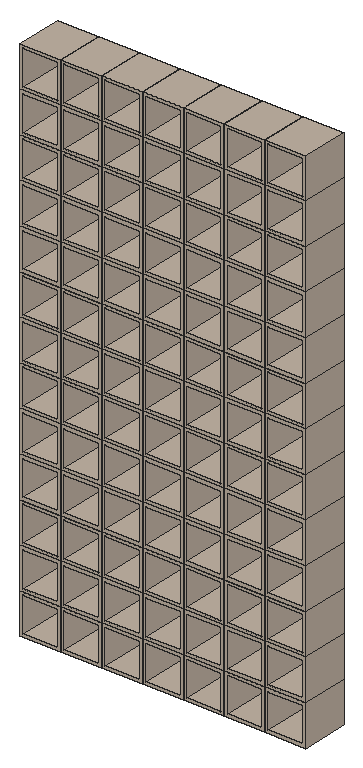
Revit family "GNW_A3-Air-Bricks-Panel-1400wx2600h", category Windows, host Wall, Revit 2016
Family settings
  Host = Wall
  Always vertical = Yes
  Cut with Voids When Loaded = No
  Shared = No
  Room Calculation Point = No
Parameters (values of type "1400w x 2600h")
  Height = 2600 mm
  Default Sill Height = 85 mm
  Wall Closure = By host
  Width = 1400 mm
  Construction Type = "AB09"
  Assembly Code = ""
Reference planes
  plane 1: y = 0
  plane 2 "Center (Left/Right)": x = 0
  plane 3 "Left": x = -700
  plane 4 "Right": x = 700
  plane 5 "Sill": z = 85
  plane 6 "Head": z = 2685
  plane 7 "Exterior": y = 115
  plane 8 "Interior": y = -115
Lines and regions (mm)
  Opening 1
    outline origin (3500, -115, 0) x (1, 0, 0) y (0, 0, 1)
      loop
        line (-2800, 85) -> (-2800, 2685) -> (-4200, 2685) -> (-4200, 85) -> (-2800, 85)
  symbolic lines
    curve 1: line (-700, -115, 0) -> (-700, 115, 0)
    curve 2: line (700, -115, 0) -> (700, 115, 0)
    curve 3: line (-500, 115, 0) -> (-500, -115, 0)
    curve 4: line (-300, 115, 0) -> (-300, -115, 0)
    curve 5: line (-100, 115, 0) -> (-100, -115, 0)
    curve 6: line (100, 115, 0) -> (100, -115, 0)
    curve 7: line (300, 115, 0) -> (300, -115, 0)
    curve 8: line (500, 115, 0) -> (500, -115, 0)
Text (mm)
  text "EXTERIOR" at (-1963.203, 1332.353, 0), in view "Ref. Level"
  text "INTERIOR" at (-1981.466, -818.386, 0), in view "Ref. Level"
  text "Exterior" at (0, 923.751, 2943.296), in view "Right"
  text "Exterior" at (0, 1040.484, 2685.409), in view "Left"
Dimensions and locks
  equal spacing: plane 3 "Left", plane 2 "Center (Left/Right)", plane 4 "Right"
  "Width": plane 3 "Left" to plane 4 "Right"
  "Height": plane 5 "Sill" to plane 6 "Head"
  "Default Sill Height": plane 5 "Sill" to level
  locked: plane 7 "Exterior" to host wall at 0
  locked: plane 8 "Interior" to host wall
  plane 3 "Left" to plane 2 "Center (Left/Right)" to plane 4 "Right" = 700 mm, 700 mm
  level to plane 6 "Head" = 2685 mm
  plane 3 "Left" to plane 4 "Right" = 1400 mm
  aligned and locked: plane 4 "Right" to Opening 1 sketch curve
  aligned and locked: plane 3 "Left" to Opening 1 sketch curve
  aligned and locked: plane 6 "Head" to Opening 1 sketch curve
  aligned and locked: plane 5 "Sill" to Opening 1 sketch curve
Automatic sketch dimensions
  curve 1 to host wall = 0 mm  (x2)
  curve 1 to plane 3 "Left" = 0 mm
  curve 2 to host wall = 0 mm  (x2)
  curve 2 to plane 4 "Right" = 0 mm
  curve 3 to host wall = 0 mm
  curve 3 to plane 3 "Left" = 200 mm
  host wall to curve 4 = 0 mm  (x2)
  curve 3 to curve 4 = 200 mm
  curve 5 to plane 2 "Center (Left/Right)" = 100 mm
  plane 2 "Center (Left/Right)" to curve 6 = 100 mm
  host wall to curve 7 = 0 mm  (x2)
  curve 6 to curve 7 = 200 mm
  host wall to curve 8 = 0 mm  (x2)
  curve 7 to curve 8 = 200 mm
  host wall to curve 3 = 0 mm
  host wall to curve 5 = 0 mm  (x2)
  host wall to curve 6 = 0 mm  (x2)
Nested families
  nested 1: "Air Brick" at (-300, 115, 85), type "Air Brick"
  nested 2: "Air Brick" at (-100, 115, 85), type "Air Brick"
  nested 3: "Air Brick" at (100, 115, 85), type "Air Brick"
  nested 4: "Air Brick" at (500, 115, 85), type "Air Brick"
  nested 5: "Air Brick" at (300, 115, 85), type "Air Brick"
  nested 6: "Air Brick" at (-300, 115, 285), type "Air Brick"
  nested 7: "Air Brick" at (-100, 115, 285), type "Air Brick"
  nested 8: "Air Brick" at (100, 115, 285), type "Air Brick"
  nested 9: "Air Brick" at (500, 115, 285), type "Air Brick"
  nested 10: "Air Brick" at (300, 115, 285), type "Air Brick"
  nested 11: "Air Brick" at (-300, 115, 485), type "Air Brick"
  nested 12: "Air Brick" at (-100, 115, 485), type "Air Brick"
  nested 13: "Air Brick" at (100, 115, 485), type "Air Brick"
  nested 14: "Air Brick" at (500, 115, 485), type "Air Brick"
  nested 15: "Air Brick" at (300, 115, 485), type "Air Brick"
  nested 16: "Air Brick" at (-300, 115, 685), type "Air Brick"
  nested 17: "Air Brick" at (-100, 115, 685), type "Air Brick"
  nested 18: "Air Brick" at (100, 115, 685), type "Air Brick"
  nested 19: "Air Brick" at (500, 115, 685), type "Air Brick"
  nested 20: "Air Brick" at (300, 115, 685), type "Air Brick"
  nested 21: "Air Brick" at (-300, 115, 885), type "Air Brick"
  nested 22: "Air Brick" at (-100, 115, 885), type "Air Brick"
  nested 23: "Air Brick" at (100, 115, 885), type "Air Brick"
  nested 24: "Air Brick" at (500, 115, 885), type "Air Brick"
  nested 25: "Air Brick" at (300, 115, 885), type "Air Brick"
  nested 26: "Air Brick" at (-500, 115, 85), type "Air Brick"
  nested 27: "Air Brick" at (-500, 115, 285), type "Air Brick"
  nested 28: "Air Brick" at (-500, 115, 485), type "Air Brick"
  nested 29: "Air Brick" at (-500, 115, 685), type "Air Brick"
  nested 30: "Air Brick" at (-500, 115, 885), type "Air Brick"
  nested 31: "Air Brick" at (-700, 115, 85), type "Air Brick"
  nested 32: "Air Brick" at (-700, 115, 285), type "Air Brick"
  nested 33: "Air Brick" at (-700, 115, 485), type "Air Brick"
  nested 34: "Air Brick" at (-700, 115, 685), type "Air Brick"
  nested 35: "Air Brick" at (-700, 115, 885), type "Air Brick"
  nested 36: "Air Brick" at (-300, 115, 1085), type "Air Brick"
  nested 37: "Air Brick" at (-100, 115, 1085), type "Air Brick"
  nested 38: "Air Brick" at (100, 115, 1085), type "Air Brick"
  nested 39: "Air Brick" at (500, 115, 1085), type "Air Brick"
  nested 40: "Air Brick" at (300, 115, 1085), type "Air Brick"
  nested 41: "Air Brick" at (-300, 115, 1285), type "Air Brick"
  nested 42: "Air Brick" at (-100, 115, 1285), type "Air Brick"
  nested 43: "Air Brick" at (100, 115, 1285), type "Air Brick"
  nested 44: "Air Brick" at (500, 115, 1285), type "Air Brick"
  nested 45: "Air Brick" at (300, 115, 1285), type "Air Brick"
  nested 46: "Air Brick" at (-500, 115, 1085), type "Air Brick"
  nested 47: "Air Brick" at (-500, 115, 1285), type "Air Brick"
  nested 48: "Air Brick" at (-700, 115, 1085), type "Air Brick"
  nested 49: "Air Brick" at (-700, 115, 1285), type "Air Brick"
  nested 50: "Air Brick" at (-300, 115, 1485), type "Air Brick"
  nested 51: "Air Brick" at (-100, 115, 1485), type "Air Brick"
  nested 52: "Air Brick" at (100, 115, 1485), type "Air Brick"
  nested 53: "Air Brick" at (500, 115, 1485), type "Air Brick"
  nested 54: "Air Brick" at (300, 115, 1485), type "Air Brick"
  nested 55: "Air Brick" at (-500, 115, 1485), type "Air Brick"
  nested 56: "Air Brick" at (-700, 115, 1485), type "Air Brick"
  nested 57: "Air Brick" at (-300, 115, 1685), type "Air Brick"
  nested 58: "Air Brick" at (-100, 115, 1685), type "Air Brick"
  nested 59: "Air Brick" at (100, 115, 1685), type "Air Brick"
  nested 60: "Air Brick" at (500, 115, 1685), type "Air Brick"
  nested 61: "Air Brick" at (300, 115, 1685), type "Air Brick"
  nested 62: "Air Brick" at (-500, 115, 1685), type "Air Brick"
  nested 63: "Air Brick" at (-700, 115, 1685), type "Air Brick"
  nested 64: "Air Brick" at (-300, 115, 1885), type "Air Brick"
  nested 65: "Air Brick" at (-100, 115, 1885), type "Air Brick"
  nested 66: "Air Brick" at (100, 115, 1885), type "Air Brick"
  nested 67: "Air Brick" at (500, 115, 1885), type "Air Brick"
  nested 68: "Air Brick" at (300, 115, 1885), type "Air Brick"
  nested 69: "Air Brick" at (-500, 115, 1885), type "Air Brick"
  nested 70: "Air Brick" at (-700, 115, 1885), type "Air Brick"
  nested 71: "Air Brick" at (-300, 115, 2085), type "Air Brick"
  nested 72: "Air Brick" at (-100, 115, 2085), type "Air Brick"
  nested 73: "Air Brick" at (100, 115, 2085), type "Air Brick"
  nested 74: "Air Brick" at (500, 115, 2085), type "Air Brick"
  nested 75: "Air Brick" at (300, 115, 2085), type "Air Brick"
  nested 76: "Air Brick" at (-500, 115, 2085), type "Air Brick"
  nested 77: "Air Brick" at (-700, 115, 2085), type "Air Brick"
  nested 78: "Air Brick" at (-300, 115, 2285), type "Air Brick"
  nested 79: "Air Brick" at (-100, 115, 2285), type "Air Brick"
  nested 80: "Air Brick" at (100, 115, 2285), type "Air Brick"
  nested 81: "Air Brick" at (500, 115, 2285), type "Air Brick"
  nested 82: "Air Brick" at (300, 115, 2285), type "Air Brick"
  nested 83: "Air Brick" at (-500, 115, 2285), type "Air Brick"
  nested 84: "Air Brick" at (-700, 115, 2285), type "Air Brick"
  nested 85: "Air Brick" at (-300, 115, 2485), type "Air Brick"
  nested 86: "Air Brick" at (-100, 115, 2485), type "Air Brick"
  nested 87: "Air Brick" at (100, 115, 2485), type "Air Brick"
  nested 88: "Air Brick" at (500, 115, 2485), type "Air Brick"
  nested 89: "Air Brick" at (300, 115, 2485), type "Air Brick"
  nested 90: "Air Brick" at (-500, 115, 2485), type "Air Brick"
  nested 91: "Air Brick" at (-700, 115, 2485), type "Air Brick"
Definition of nested family "Air Brick"
  Reference planes
    plane 1 "Center (Front/Back)": y = 0
    plane 2: z = 0
    plane 3 "Center (Left/Right)": x = 0
  Forms (mm)
    Extrusion 1, solid
      sketch origin (0, 0, 0) x (1, 0, 0) y (0, 0, 1)
        loop
          line (0, 0) -> (200, 0) -> (200, 200) -> (0, 200) -> (0, 0)
        loop
          line (185, 185) -> (15, 185) -> (15, 15) -> (185, 15) -> (185, 185)
      from 0 to 230
